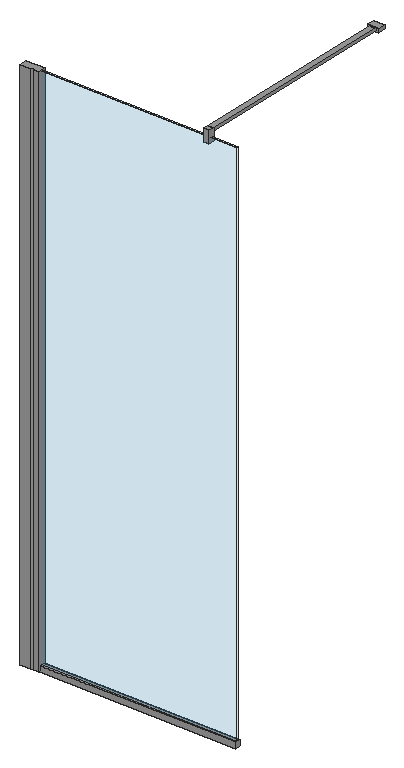
Revit family "IS_Synergy_Multiproduct_BIM_BE_L6220;L6221;L6222;L6223;L6224;L6225;L6226;L6227", category Plumbing Fixtures, host Face, Revit 2015
Parameters (values of type "L6222EO - Synergy wet room panel 800 mm")
  Wisselstukken = "isaftersalesbelgium@idealstandard.com"
  WaarborgGarantieInstallatie = "n/a"
  Vorm = "n/a"
  Volumeunits = "liter"
  Verwachtelevensduur = "n/a"
  Vervangingskosten = 0
  Versie = "1"
  ValutaEenheid = "n/a"
  Urlproducent = "www.idealstandard.be"
  Uniclass2015Referentie = ""
  Uniclass2015Beschrijving = ""
  Uniclass2 = "Pr_40_20_06_79"
  URL = "www.idealstandard.be"
  Typeconnectie = "n/a"
  Type Comments = "n/a"
  Toepassing = "n/a"
  Telefoonnummer = "n/a"
  Style = "n/a"
  Revisie = "n/a"
  Referentie = "n/a"
  Productinformatie = "n/a"
  ProductSoort = "n/a"
  OppervlakteEenheid = "n/a"
  OppervlakteAfmeting = "n/a"
  Normen = "n/a"
  NominalDepthActual = 800 mm
  Nettogewicht = 0
  Model = "L6222EO"
  Merk = "n/a"
  Materiaal = "n/a"
  Manufacturer = "Productinfo@thebluebook.co.uk"
  Lengte = 0 mm
  Kwaliteitsgraad = "n/a"
  Kleur = "n/a"
  Keynote = "n/a"
  Installatieinstructies = "n/a"
  Hulp = "issalesbelgium@idealstandard.com"
  Hoogte = "n/a"
  GrootteAfvoergat = 0
  GlazingMatl = ISI_IdealStandard_Shower_Glass_Render
  GemaaktOp = "n/a"
  Garantieunits = "n/a"
  Garantieonderdelen = "n/a"
  GarantieduurInstallatie = "n/a"
  Functieindoucheruimte = ""
  FrameMatl = ISI_IdealStandard_Shower_BrightSilver_Render
  Eigenschappen = "n/a"
  Duurzaamheid = "n/a"
  DuurEenheid = "jaar"
  Douchebak = no
  Distributeur = "n/a"
  Diepte = 0 mm
  Description = "Synergy 800 mm wet room panel"
  Default Elevation = 1219.2 mm
  BrutoGewicht = 0
  Breedte = 0
  BimObjectNaam = ""
  Bestanddelen = "n/a"
  Beschrijvinggarantie = "n/a"
  Beschrijvingdouchekop = "n/a"
  Barrièrevrijwonen = "n/a"
  Barcode = "n/a"
  Auteur = "n/a"
  Assembly Code = "C1030200"
  Artikelreferentie = "n/a"
  Artikelomschrijving = "n/a"
  Artikelnummer = "n/a"
  Afwerking = "n/a"
  AfstandsEenheid = "n/a"
  Afmetingen = "n/a"
  Accesoires = "n/a"
Types (8, lengths in mm): name | Verwachtelevensduur | Typeconnectie | Telefoonnummer | Productinformatie | NominalDepthActual | Nettogewicht | Model | Merk | Materiaal | Kleur | Installatieinstructies | Garantieunits | Garantieonderdelen | Eigenschappen | Description | Beschrijvinggarantie | Beschrijvingdouchekop | Barcode | Auteur | Afwerking | Accesoires
  L6220EO - Synergy wet room panel 700 mm | "n/a" | "n/a" | "n/a" | "n/a" | 700 | 0 | "L6220EO" | "n/a" | "n/a" | "n/a" | "n/a" | "n/a" | "n/a" | "n/a" | "Synergy 700 mm wet room panel" | "n/a" | "n/a" | "n/a" | "n/a" | "n/a" | "n/a"
  L6221EO - Synergy wet room panel 760 mm | "n/a" | "n/a" | "n/a" | "n/a" | 760 | 0 | "L6221EO" | "n/a" | "n/a" | "n/a" | "n/a" | "n/a" | "n/a" | "n/a" | "Synergy 760 mm wet room panel" | "n/a" | "n/a" | "n/a" | "n/a" | "n/a" | "n/a"
  L6222EO - Synergy wet room panel 800 mm | "n/a" | "n/a" | "n/a" | "n/a" | 800 | 0 | "L6222EO" | "n/a" | "n/a" | "n/a" | "n/a" | "n/a" | "n/a" | "n/a" | "Synergy 800 mm wet room panel" | "n/a" | "n/a" | "n/a" | "n/a" | "n/a" | "n/a"
  L6223EO - Synergy wet room panel 900 mm | "n/a" | "n/a" | "n/a" | "n/a" | 900 | 0 | "L6223EO" | "n/a" | "n/a" | "n/a" | "n/a" | "n/a" | "n/a" | "n/a" | "Synergy 900 mm wet room panel" | "n/a" | "n/a" | "n/a" | "n/a" | "n/a" | "n/a"
  L6224EO - Synergy wet room panel 1000 mm | "n/a" | "n/a" | "n/a" | "n/a" | 900 | 0 | "L6224EO" | "n/a" | "n/a" | "n/a" | "n/a" | "n/a" | "n/a" | "n/a" | "Synergy 1000 mm wet room panel" | "n/a" | "n/a" | "n/a" | "n/a" | "n/a" | "n/a"
  L6225EO - Synergy wet room panel 1200 mm | "n/a" | "n/a" | "n/a" | "n/a" | 900 | 0 | "L6225EO" | "n/a" | "n/a" | "n/a" | "n/a" | "n/a" | "n/a" | "n/a" | "Synergy 1200 mm wet room panel" | "n/a" | "n/a" | "n/a" | "n/a" | "n/a" | "n/a"
  L6226EO - Synergy wet room panel 1400 mm | "n/a" | "n/a" | "n/a" | "n/a" | 900 | 0 | "L6226EO" | "n/a" | "n/a" | "n/a" | "n/a" | "n/a" | "n/a" | "n/a" | "Synergy 1400 mm wet room panel" | "n/a" | "n/a" | "n/a" | "n/a" | "n/a" | "n/a"
  L6227EO - Synergy wet room panel 1600 mm | "25 jaar" | "Sanitair" | "0032 2 325 66 00" | "www.idealstandard.be" | 900 | 57.7 | "L6227EO" | "Ideal Standard" | "Veiligheidsglas" | "Aluminium zilverkleurig" | "www.idealstandard.be" | "isaftersalesbelgium@idealstandard.com" | "2" | "Glazen douchepaneel 1600mm van 8 mm transparant veiligheidsglas,\r\nbehandeld met Ideal Clean. Met aluminium muurprofiel zilverkleurig." | "Synergy 1600 mm wet room panel" | "Fabrieksgarantie" | "0" | "5017830417095" | "Ideal Standard Produktions-GmbH" | "Zilverkleurig aluminium" | "www.idealstandard.be"
Reference planes
  plane 1 "Center (Front/Back)": y = 0
  plane 2: z = 0
  plane 3 "Center (Left/Right)": x = 0
  plane 4: z = 2000
  plane 5: x = 800
  plane 6: y = -800
  plane 7: x = 70
  plane 8: x = 700
  plane 9: x = 680
  plane 10: y = -790
  plane 11: y = -780
  plane 12: y = -810
  plane 13: z = 20
  plane 14: y = -785
  plane 15: y = -805
  plane 16: z = 1980
  plane 17: z = 2025
  plane 18: y = -30
  plane 19: x = 670
  plane 20: x = 710
  plane 21: z = 2015
  plane 22: z = 2012.5
Forms (mm)
  Extrusion 1, solid, material "ISI_IdealStandard_Shower_BrightSilver_Render" <- "FrameMatl"
    sketch origin (0, 0, 0) x (1, 0, 0) y (0, 1, 0)
      loop
        line (0, -780) -> (0, -810) -> (39.585, -810) -> (45.399, -804.186) -> (51.213, -810) -> (70, -810) -> (70, -780) -> (0, -780)
    from 0 to 2000
  Extrusion 2, solid, material "ISI_IdealStandard_Shower_Glass_Render" <- "GlazingMatl"
    sketch origin (0, 0, 0) x (1, 0, 0) y (0, 1, 0)
      loop
        line (70, -790) -> (70, -800) -> (800, -800) -> (800, -790) -> (70, -790)
    from 20 to 2000
  Extrusion 3, solid, material "ISI_IdealStandard_Shower_BrightSilver_Render" <- "FrameMatl"
    sketch origin (0, 0, 0) x (1, 0, 0) y (0, 1, 0)
      loop
        line (70, -785) -> (70, -805) -> (800, -805) -> (800, -785) -> (70, -785)
    from 0 to 20
  Extrusion 4, solid, material "ISI_IdealStandard_Shower_BrightSilver_Render" <- "FrameMatl"
    sketch origin (1111.046, -4572, 1980) x (0, -1, 0) y (-1, 0, 0)
      loop
        line (-3787, 431.046) -> (-3787, 411.046) -> (-3767, 411.046) -> (-3767, 431.046) -> (-3787, 431.046)
    from -45 to 0
  Extrusion 5, solid, material "ISI_IdealStandard_Shower_BrightSilver_Render" <- "FrameMatl"
    sketch origin (-94.796, -4572, 2025) x (-1, 0, 0) y (0, -1, 0)
      loop
        line (-774.796, -4542) -> (-774.796, -3787) -> (-794.796, -3787) -> (-794.796, -4542) -> (-774.796, -4542)
    from 0 to -10
  Extrusion 6, solid, material "ISI_IdealStandard_Shower_BrightSilver_Render" <- "FrameMatl"
    sketch origin (610, -4572, 2012.5) x (0, -1, 0) y (-1, 0, 0)
      loop
        line (-4572, -60) -> (-4572, -100) -> (-4542, -100) -> (-4542, -60) -> (-4572, -60)
    from 0 to -15
Dimensions and locks
  locked: plane 4 to plane 2 at 2000
  locked: plane 3 "Center (Left/Right)" to plane 5 at 800
  locked: plane 1 "Center (Front/Back)" to plane 6 at 800
  locked: plane 3 "Center (Left/Right)" to plane 7 at 70
  locked: plane 8 to plane 5 at 100
  locked: plane 9 to plane 8 at 20
  locked: plane 10 to plane 6 at 10
  locked: plane 11 to plane 10 at 10
  plane 3 "Center (Left/Right)" to Extrusion 1 = 70 mm
  locked: plane 14 to plane 10 at 5
  locked: plane 6 to plane 15 at 5
  locked: plane 13 to plane 2 at 20
  locked: plane 4 to plane 16 at 20
  locked: plane 17 to plane 4 at 25
  locked: plane 6 to plane 12 at 10
  locked: plane 19 to plane 9 at 10
  locked: plane 8 to plane 20 at 10
  plane 17 to plane 21 to plane 22 = 10 mm locked, 2.5 mm locked
  locked: plane 1 "Center (Front/Back)" to plane 18 at 30
  aligned and locked: plane 2 to host face
  aligned and locked: level to host face
  aligned and locked: plane 4 to Extrusion 1
  aligned and locked: Extrusion 1 to level
  aligned and locked: Extrusion 2 to plane 13
  aligned and locked: Extrusion 3 to Extrusion 2
  aligned and locked: Extrusion 3 to level
  aligned and locked: plane 17 to Extrusion 4
  aligned and locked: plane 16 to Extrusion 4
  aligned and locked: plane 18 to Extrusion 5
